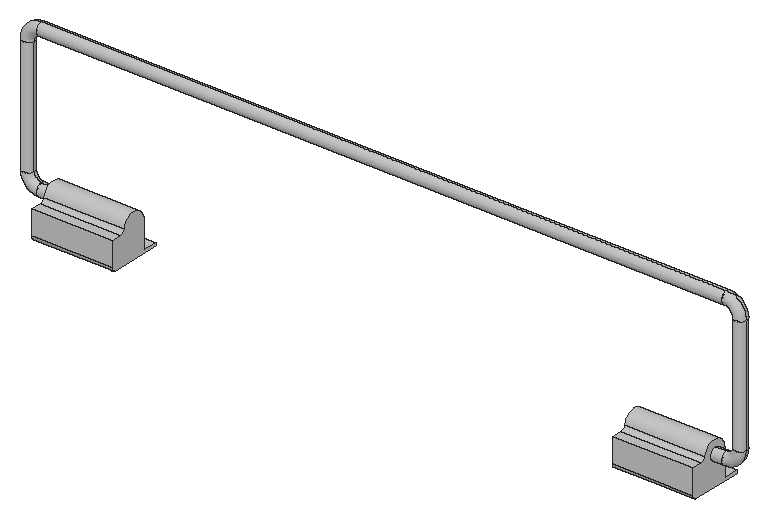
Revit family "PRD_AR_TwlRls_SaturnTowelRailForWashingTroughs_TB60,70,80", category Furniture, Revit 2018
Family settings
  OmniClass Number = 23.40.20.21
  OmniClass Title = Toilet and Bath Specialties
  Work Plane-Based = Yes
  Always vertical = No
  Cut with Voids When Loaded = No
  Shared = Yes
  Room Calculation Point = No
Parameters (values of type "TB60 - L=478")
  WarrantyStartDate [instance] = "1900-12-31T23:59:59"
  WarrantyGuarantorParts = "n/a"
  WarrantyGuarantorLabor = "n/a"
  WarrantyDurationUnit = "year"
  WarrantyDurationParts = "n/a"
  WarrantyDurationLabor = "n/a"
  WarrantyDescription = "n/a"
  Version = "1"
  Uniclass2015Version = "Products v1.10"
  Uniclass2015Title = "Towel rails"
  Uniclass2015Code = "Pr_40_20_76_90"
  URL = "www.kwc.com"
  TowelRailMaterial = PRD_AR_StainlessSteel_SatinFinished
  TagNumber [instance] = "n/a"
  SustainabilityPerformance = "n/a"
  Style = "Towel rail"
  Size = "119 x 478 x 8 mm"
  Shape = "Rectangular"
  SerialNumber [instance] = "n/a"
  Revision = "n/a"
  ReplacementCost = "n/a"
  ProductInformation = "https://pim.kwc.com/product/2000101452/attachment/datasheet?locale=en"
  NominalWidth = 0 mm
  NominalLength = 478 mm
  NominalHeight = 119 mm
  NominalDepth = 8 mm
  NetWeight = 0.50 kg
  Name = "SATURN towel rail for washing troughs TB60"
  NBSTypeID = "n/a"
  NBSReference = "45-35-72/372"
  NBSOfficeMasterTag = "n/a"
  NBSNote = "n/a"
  NBSDescription = "Towel rails"
  NBSCertification = "n/a"
  ModelReference = "TB60"
  ModelNumber = "2000101452"
  Model = ModelReference  # "TB60"
  Materials = "Stainless steel 1.4301"
  Material = "Stainless steel"
  ManufacturerURL = "www.kwc.com"
  ManufacturerName = "KWC Group AG"  # constant formula
  Manufacturer = ManufacturerName  # "KWC Group AG"
  MainColor = "Stainless steel"
  IntegralAccessories = "incl. mounting set"
  InstallationDate [instance] = "1900-12-31T23:59:59"
  IfcExportType = "NOTDEFINED"
  IfcExportAs = "IfcFurnitureType"
  GrossWeight = 0.70 kg
  Grade = "n/a"
  Form = "Mounted on product"
  FinishAndColour = "Stainless steel, satin finished"
  Finish = "Satin finished"
  Features = "stainless steel, 8 mm, satin finished, mounted on product, 478x119x8 mm (WxHxD)"
  ExpectedLife = "n/a"
  DurationUnit = "year"
  Description = "Towel rail for KWC washing troughs ECO400CS, BX400CNS and ECN400CNS, stainless steel, surface satin finished, material thickness 8 mm, for mounting underneath front edge, rail is flexible and retrofittable, one set per wash place necessary, incl. mounting set. width: 478 mm"
  Default Elevation = 1219.2 mm
  CreateOn = "11/2018"  # constant formula
  Constituents = "n/a"
  Color = "Stainless steel"
  CodePerformance = "n/a"
  Category = "Pr_40_20_76_90, Towel rails"
  BarCode [instance] = "n/a"
  BIMObjectName = "PRD_AR_TowelRails_SaturnTowelRailForWashingTroughs_TB60"
  Author = "Archispace"  # constant formula
  AssetType = "Fixed"
  AssetIdentifier [instance] = "n/a"
  AccessibilityPerformance = "n/a"
Types (2, lengths in mm): name | Size | ProductInformation | NominalLength | NetWeight | Name | ModelReference | ModelNumber | Model | IntegralAccessories | GrossWeight | Features | Description | BIMObjectName
  TB60 - L=478 | "119 x 478 x 8 mm" | "https://pim.kwc.com/product/2000101452/attachment/datasheet?locale=en" | 478 | 0.50 kg | "SATURN towel rail for washing troughs TB60" | "TB60" | "2000101452" | "TB60" | "incl. mounting set" | 0.70 kg | "stainless steel, 8 mm, satin finished, mounted on product, 478x119x8 mm (WxHxD)" | "Towel rail for KWC washing troughs ECO400CS, BX400CNS and ECN400CNS, stainless steel, surface satin finished, material thickness 8 mm, for mounting underneath front edge, rail is flexible and retrofittable, one set per wash place necessary, incl. mounting set. width: 478 mm" | "PRD_AR_TowelRails_SaturnTowelRailForWashingTroughs_TB60"
  TB80 - L=728 | "119 x 728 x 8 mm" | "https://pim.kwc.com/product/2030046200/attachment/datasheet?locale=en" | 728 | 0.30 kg | "SATURN towel rail for washing troughs TB80" | "TB80" | "2030046200" | "TB80" | "Incl. mounting set" | 0.80 kg | "stainless steel, 8 mm, satin finished, mounted on product, 728x119x8 mm (WxHxD)" | "Towel rail for KWCe washtroughs BX, ECN, ECO and PLANOX, stainless steel, surface satin finished, material thickness ⌀8 mm, for mounting underneath front edge, rail is flexible and retrofittable, one set per wash place necessary, inclusive mounting set." | "PRD_AR_TowelRails_SaturnTowelRailForWashingTroughs_TB80"
Reference planes
  plane 1 "Center (Front/Back)": y = 0
  plane 2: z = 0
  plane 3 "Center (Left/Right)": x = 0
  plane 4: x = -239
  plane 5: x = 239
  plane 6: x = -218
  plane 7: x = 218
  plane 8: x = -165
  plane 9: x = 165
Forms (mm)
  Extrusion 1, solid, material "PRD_AR_StainlessSteel_SatinFinished" <- "TowelRailMaterial", detail levels medium
    sketch origin (-218, 682.027, 1197.126) x (0, 1, 0) y (0, 0, 1)
      loop
        line (-664.077, -1168.926) -> (-700.027, -1168.926) -> (-700.027, -1197.126) -> (-664.077, -1197.126) -> (-664.077, -1168.926)
    from 0 to 53
  Extrusion 2, solid, material "PRD_AR_StainlessSteel_SatinFinished" <- "TowelRailMaterial", detail levels medium
    sketch origin (218, 682.027, 1200) x (0, 1, 0) y (0, 0, -1)
      loop
        line (-664.077, 1171.8) -> (-664.077, 1200) -> (-700.027, 1200) -> (-700.027, 1171.8) -> (-664.077, 1171.8)
    from 0 to 53
  Extrusion 3, solid, material "PRD_AR_StainlessSteel_SatinFinished" <- "TowelRailMaterial", detail levels coarse
    sketch origin (0, 0, 0) x (1, 0, 0) y (0, 1, 0)
      loop
        line (-239, 17.95) -> (-239, -18) -> (239, -18) -> (239, 17.95) -> (-239, 17.95)
    from 0 to 119
  Extrusion 4, solid, material "PRD_AR_StainlessSteel_SatinFinished" <- "TowelRailMaterial", detail levels fine
    sketch origin (-218, 682.027, -1200) x (0, 1, 0) y (0, 0, 1)
      loop
        arc (-689.919, 1221.509) -> (-690.938, 1219.712) -> (-692.878, 1219) r 3
        line (-692.878, 1219) -> (-700.027, 1219) -> (-700.027, 1203)
        arc (-700.027, 1203) -> (-699.148, 1200.879) -> (-697.027, 1200) r 3
        line (-697.027, 1200) -> (-664.077, 1200) -> (-664.077, 1202.2) -> (-674.027, 1202.2) -> (-674.027, 1220.2)
        arc (-674.027, 1220.2) -> (-681.37, 1228.173) -> (-689.919, 1221.509) r 8
    from 0 to 53
  Sweep 5, solid, material "PRD_AR_StainlessSteel_SatinFinished" <- "TowelRailMaterial", detail levels medium+fine
    path origin (0, 0, 0) x (1, 0, 0) y (0, 0, -1)
      loop
        line (-218, -16) -> (-226, -16)
        arc (-226, -16) -> (-235.192, -19.808) -> (-239, -29) r 13
        line (-239, -29) -> (-239, -106)
        arc (-239, -106) -> (-235.192, -115.192) -> (-226, -119) r 13
        line (-226, -119) -> (226, -119)
        arc (226, -119) -> (235.192, -115.192) -> (239, -106) r 13
        line (239, -106) -> (239, -29)
        arc (239, -29) -> (235.192, -19.808) -> (226, -16) r 13
        line (226, -16) -> (218, -16)
    profile origin (-239, 0, 67.5) x (-1, 0, 0) y (0, -1, 0)
      loop
        circle (-4, 0) r 4
  Extrusion 6, solid, material "PRD_AR_StainlessSteel_SatinFinished" <- "TowelRailMaterial", detail levels fine
    sketch origin (218, 682.027, -1200) x (0, 1, 0) y (0, 0, -1)
      loop
        line (-674.027, -1202.2) -> (-664.077, -1202.2) -> (-664.077, -1200) -> (-697.027, -1200)
        arc (-697.027, -1200) -> (-699.148, -1200.879) -> (-700.027, -1203) r 3
        line (-700.027, -1203) -> (-700.027, -1219) -> (-692.878, -1219)
        arc (-692.878, -1219) -> (-690.938, -1219.712) -> (-689.919, -1221.509) r 3
        arc (-689.919, -1221.509) -> (-681.37, -1228.173) -> (-674.027, -1220.2) r 8
        line (-674.027, -1220.2) -> (-674.027, -1202.2)
    from 0 to 53
Dimensions and locks
  equal spacing: plane 4, plane 3 "Center (Left/Right)", plane 5
  "NominalLength": plane 4 to plane 5
  plane 4 to plane 6 to plane 8 = 21 mm locked, 53 mm locked
  plane 9 to plane 7 to plane 5 = 53 mm locked, 21 mm locked
  aligned and locked: level to plane 2
  aligned and locked: plane 8 to Extrusion 1
  aligned and locked: plane 9 to Extrusion 2
  aligned and locked: plane 4 to Extrusion 3 sketch curve
  aligned and locked: plane 5 to Extrusion 3 sketch curve
Automatic sketch dimensions
  Extrusion 1 sketch curve to level = 0 mm
  plane 1 "Center (Front/Back)" to Extrusion 1 sketch curve = 18 mm
  Extrusion 1 sketch curve to plane 1 "Center (Front/Back)" = 17.95 mm
  level to Extrusion 1 sketch curve = 28.2 mm
  Extrusion 2 sketch curve to level = 0 mm
  Extrusion 2 sketch curve to plane 1 "Center (Front/Back)" = 18 mm
  plane 1 "Center (Front/Back)" to Extrusion 2 sketch curve = 17.95 mm
  Extrusion 2 sketch curve to level = 28.2 mm
  plane 1 "Center (Front/Back)" to Extrusion 3 sketch curve = 18 mm
  Extrusion 3 sketch curve to plane 1 "Center (Front/Back)" = 17.95 mm
  Extrusion 4 sketch curve to level = 0 mm
  Extrusion 4 sketch curve to plane 1 "Center (Front/Back)" = 0 mm
  plane 1 "Center (Front/Back)" to Extrusion 4 sketch curve = 10.852 mm
  plane 1 "Center (Front/Back)" to Extrusion 4 sketch curve = 15 mm
  Extrusion 4 sketch curve to Extrusion 4 sketch curve = 7.148 mm
  Extrusion 4 sketch curve to Extrusion 4 sketch curve = 8 mm
  level to Extrusion 4 sketch curve = 2.2 mm
  Extrusion 4 sketch curve to Extrusion 4 sketch curve = 9.95 mm
  Extrusion 4 sketch curve to Extrusion 4 sketch curve = 16 mm
  Extrusion 4 sketch curve to Extrusion 4 sketch curve = 1.2 mm
  Extrusion 4 sketch curve to Extrusion 4 sketch curve = 3 mm
  Sweep 5 sketch curve to plane 4 = 0 mm
  Sweep 5 sketch curve to plane 6 = 0 mm
  plane 7 to Sweep 5 sketch curve = 0 mm
  plane 5 to Sweep 5 sketch curve = 0 mm
  plane 6 to Sweep 5 sketch curve = 8 mm  (x2)
  Sweep 5 sketch curve to Sweep 5 sketch curve = 8 mm
  plane 7 to Sweep 5 sketch curve = 8 mm
  Sweep 5 sketch curve to level = 119 mm
  Sweep 5 sketch curve to level = 29 mm  (x2)
  plane 1 "Center (Front/Back)" to Sweep 5 sketch curve = 0 mm
  profile plane to Sweep 5 sketch curve = 4 mm
  Extrusion 6 sketch curve to level = 0 mm
  Extrusion 6 sketch curve to plane 1 "Center (Front/Back)" = 0 mm
  Extrusion 6 sketch curve to plane 1 "Center (Front/Back)" = 10.852 mm
  Extrusion 6 sketch curve to plane 1 "Center (Front/Back)" = 15 mm
  Extrusion 6 sketch curve to Extrusion 6 sketch curve = 7.148 mm
  Extrusion 6 sketch curve to Extrusion 6 sketch curve = 8 mm
  Extrusion 6 sketch curve to level = 2.2 mm
  Extrusion 6 sketch curve to Extrusion 6 sketch curve = 9.95 mm
  Extrusion 6 sketch curve to Extrusion 6 sketch curve = 16 mm
  Extrusion 6 sketch curve to Extrusion 6 sketch curve = 1.2 mm
  Extrusion 6 sketch curve to Extrusion 6 sketch curve = 3 mm
  radius of Sweep 5 sketch curve = 4 mm
